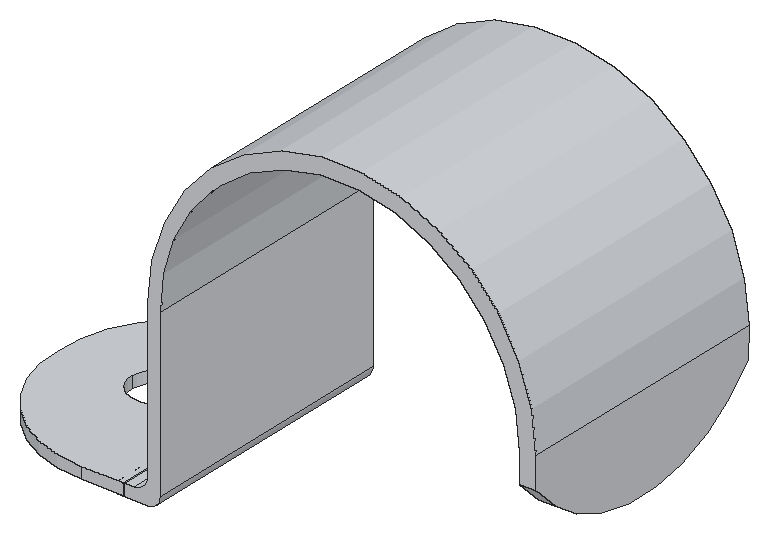
Revit family "HS2G", category Generic Models, Revit 2017
Family settings
  Can host rebar = No
  Round Connector Dimension = Use Diameter
  Part Type = Normal
  Work Plane-Based = Yes
  Always vertical = No
  Cut with Voids When Loaded = No
  Shared = No
  Room Calculation Point = No
Parameters (values of type "NBS Standard Parameters")
  Weight = "0.0240Kg"
  WarrantyStartDate [instance] = "1900-12-31T23:59:59"
  WarrantyGuarantorParts = "n/a"
  WarrantyGuarantorLabor = "n/a"
  WarrantyDurationUnit = "1 year"
  WarrantyDurationParts = "n/a"
  WarrantyDurationLabor = "n/a"
  WarrantyDescription = "n/a"
  Version = "1"
  Uniclass2 = "Pr_65_70_11_20"
  TagNumber [instance] = "n/a"
  SustainabilityPerformance = "n/a"
  Size = "25mm"
  Shape = "n/a"
  SerialNumber [instance] = "n/a"
  Revision = "n/a"
  ReplacementCost = "n/a"
  ProductInformation = "www.metpro.co.uk/pdf/hs2g.pdf"
  NominalWidth = 19.6 mm
  NominalLength = 45 mm
  NominalHeight = 28 mm
  Name = ""
  NBSTypeID = ""
  NBSReference = "90-55-10/460"
  NBSOfficeMasterTag = ""
  NBSNote = ""
  NBSDescription = "Conduit Fittings"
  NBSCertification = ""
  ModelReference = "HS2G"
  ModelNumber = "n/a"
  Material = "Pressed Steel"
  ManufacturerURL = "www.metpro.co.uk"
  ManufacturerName = "Metpro Ltd"
  Keynote = "Complaint to LU Standard 1-085"
  InstallationDate [instance] = "1900-12-31T23:59:59"
  IfcExportType = ""
  IfcExportAs = ""
  Grade = "n/a"
  Finish = "BZP"
  Features = "n/a"
  ExpectedLife = "n/a"
  DurationUnit = "year"
  Description = "HS2G  25mm Half Saddle"
  Default Elevation = 1219.2 mm
  Constituents = "n/a"
  Color = "n/a"
  CodePerformance = "n/a"
  Category = "n/a"
  BarCode [instance] = "n/a"
  BIMObjectName = "Metpro_Metprolibrary_Conduitfittings_Metalcomponents_Steelaccessories"
  Author = "Metpro Limited"
  AssetType = ""
  AssetIdentifier [instance] = "n/a"
  AccessibilityPerformance = "n/a"
Reference planes
  plane 1 "Center (Front/Back)": y = 0
  plane 2: z = 0
  plane 3 "Center (Left/Right)": x = 0
Forms (mm)
  Extrusion 1, solid
    sketch origin (0, 13.078, 7.87) x (1, 0, 0) y (0, 0, 1)
      loop
        line (12.5, 3.437) -> (12.5, -6.778) -> (13.622, -4.371) -> (13.622, 3.607)
        arc (13.622, 3.607) -> (0.122, 17.107) -> (-13.378, 3.607) r 13.5
        line (-13.378, 3.607) -> (-13.378, -7.165)
        arc (-13.378, -7.165) -> (-13.662, -7.852) -> (-14.35, -8.137) r 0.972
        line (-14.35, -8.137) -> (-15.468, -8.137) -> (-15.468, -8.953) -> (-13.355, -8.953)
        arc (-13.355, -8.953) -> (-12.75, -8.703) -> (-12.5, -8.099) r 0.855
        line (-12.5, -8.099) -> (-12.5, 3.438)
        arc (-12.5, 3.438) -> (0, 15.937) -> (12.5, 3.437) r 12.5
    from 0 to 18.5
  Extrusion 2, solid
    sketch origin (-13.378, 13.078, -0.266) x (-1, 0, 0) y (0, -1, 0)
      loop
        line (4.598, 18.5) -> (1.646, 18.5) -> (1.646, 0) -> (4.615, 0)
        arc (4.615, 0) -> (11.059, 2.723) -> (13.599, 9.241) r 8.987
        arc (13.599, 9.241) -> (11.054, 15.772) -> (4.598, 18.5) r 9.004
    from 0 to -0.8
  Extrusion 3, void
    sketch origin (-13.378, 13.078, -1.066) x (-1, 0, 0) y (0, -1, 0)
      loop
        circle (6.727, 8.987) r 2
    from 0 to 2.935
  Extrusion 4, void
    sketch origin (13.622, 13.078, 7.87) x (0, 0, 1) y (0, 1, 0)
      loop
        arc (1.427, -18.5) -> (-2.971, -9.25) -> (1.427, 0) r 11.925
        line (1.427, 0) -> (1.427, 1.347) -> (-11.899, 1.347) -> (-11.899, -22.295) -> (1.427, -22.295) -> (1.427, -18.5)
    from 0 to 3
Cuts and joins
  Extrusion 3, Extrusion 4 cuts Extrusion 2
  Extrusion 4 cuts Extrusion 1
Dimensions and locks
  aligned and locked: level to plane 2
